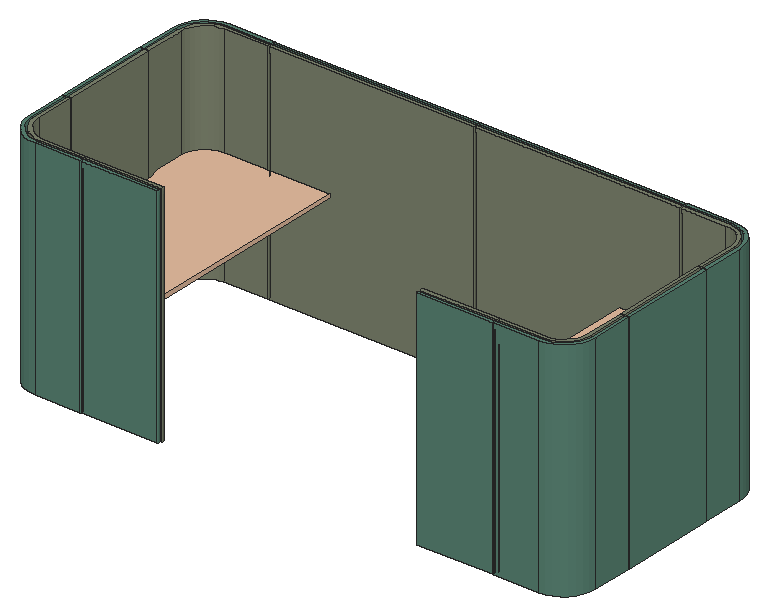
Revit family "NBS_Senator_MeetingPods_DuoAbodeBackToBack", category Furniture, Revit 2018
Family settings
  Work Plane-Based = No
  Always vertical = Yes
  Cut with Voids When Loaded = No
  Shared = No
  Room Calculation Point = No
Parameters (values of type "PDBDA14")
  WarrantyStartDate [instance] = "1900-12-31T23:59:59"
  WarrantyGuarantorParts = "contactus@thesenatorgroup.com"
  WarrantyGuarantorLabor = "n/a"
  WarrantyDurationUnit = "year"
  WarrantyDurationParts = "10"
  WarrantyDurationLabor = "n/a"
  WarrantyDescription = "Senator warrants that its manufactured products are free from manufacturing defects - in materials or workmanship - for a period of ten (10) years on Senator Seating ranges; and fifteen (15) years on Senator Desking ranges - exceptions are listed below. Senator will repair or replace (at Senator’s sole discretion) with comparable free of charge materials / components, any product / component, which fails under normal use in a single shift environment, as a result of a defect in the materials and / or workmanship"
  Version = "1"  # constant formula
  Uniclass2015Version = "Products v1.16"
  Uniclass2015Title = "Meeting Pods"
  Uniclass2015Code = "Pr_40_50_12_53"
  TagNumber [instance] = "n/a"
  SustainabilityPerformance = "99% recyclable"
  Style = "Meeting pods"
  Status = "UNSET"
  Size = "3500 x 1500 x 1400 mm"
  Shape = "n/a"
  SerialNumber [instance] = "n/a"
  SeatWidth = "n/a"
  SeatDepth = "n/a"
  Revision = "n/a"
  ReplacementCost = "n/a"
  Reference = "n/a"
  ProductInformation = "http://www.thesenatorgroup.com/uk/senator/"
  NominalWidth = 1500 mm
  NominalLength = 1500 mm
  NominalHeight = 1400 mm
  NominalDepth = 3500 mm
  Name = "MeetingPods_DuoAbodeBackToBack_PDBDA14_Senator"
  NBSReference = "45-35-20/342"
  NBSDescription = "Meeting pods"
  NBSCertification = "www.nationalbimlibrary.com/cert/snhkbjl1"
  ModelReference = "Pods-DuoAbodeBackToBack_PDBDA14"
  ModelNumber = "PDDA14"
  Material = "Fabric, metal, plastic"
  ManufacturerURL = "www.senator.co.uk"
  ManufacturerName = "The Senator Group"  # constant formula
  Manufacturer = "sales@senator.co.uk"
  MainColor = "n/a"
  IsBuiltIn = no
  InstallationDate [instance] = "1900-12-31T23:59:59"
  InnerPanelMaterial = NBS_Senator_VirginWool_Lancaster
  OuterPanelMaterial = NBS_Senator_VirginWool_Montcrest
  IfcExportType = "USERDEFINED"  # constant formula
  IfcExportAs = "IfcFurnitureType"  # constant formula
  Grade = "n/a"
  FramesColour = "Black, white"
  FinishOptions = "Carini walnut, mocha, autumn, strata oak, maple, highland oak, beech, winter oak, hacienda white, white, light grey, denim, clay, lemon sorbet"
  Finish = "Outer vertical panels upholstered in camira, blazer fabric Two tone is standard"
  Features = "Internal frame with multi-layered acoustic foam, levelling adjusters, blazer fabric, outer vertical panels"
  FabricFinishOptions = "Plymouth, fairfield, latymer, lancaster, silcoates, silverdale, st andrews, trevelyan, ulster, wellington, wesley, manchester,"
  ExpectedLife = "10"
  DurationUnit = "year"
  DuoAdobeWidth = 3500 mm  # constant formula
  DuoAdobeHeight = 1400 mm
  DuoAdobeDepth = 1500 mm  # constant formula
  TableTopMaterial = NBS_Senator_Wood_HighlandOak_2
  Description = "Duo Abode Back to Back - 1400mm high"
  Constituents = "n/a"
  Color = "n/a"
  CodePerformance = "n/a"
  Category = "Pr_40_50_12_53:Meeting pods"
  BarCode [instance] = "n/a"
  BIMObjectName = "NBS_Senator_MeetingPods_DuoAbodeBackToBack_PDDABB14"
  Author = "NBS"  # constant formula
  AssetType = "Fixed"
  AssetIdentifier [instance] = "n/a"
  Accessories = "Monitor arms, PU desk accessories, desk top accessories, CPU holders, electrical accessories, coat hanger, name plate, A2 dry wipe board with hanger, A3 dry wipe board with hanger"
  AccessibilityPerformance = "n/a"
Types (3, lengths in mm): name | Size | NominalHeight | Name | ModelReference | ModelNumber | DuoAdobeHeight | Description | BIMObjectName
  (no name) | "3500 x 1500 x 1400 mm" | 1400 | "MeetingPods_DuoAbodeBackToBack_PDBDA14_Senator" | "Pods-DuoAbodeBackToBack_PDBDA14" | "PDDA14" | 1400 | "Duo Abode Back to Back - 1400mm high" | "NBS_Senator_MeetingPods_DuoAbodeBackToBack_PDDABB14"
  PDBDA14 | "3500 x 1500 x 1400 mm" | 1400 | "MeetingPods_DuoAbodeBackToBack_PDBDA14_Senator" | "Pods-DuoAbodeBackToBack_PDBDA14" | "PDDA14" | 1400 | "Duo Abode Back to Back - 1400mm high" | "NBS_Senator_MeetingPods_DuoAbodeBackToBack_PDDABB14"
  PDBDA18 | "3500 x 1500 x 1800 mm" | 1800 | "MeetingPods_DuoAbodeBackToBack_PDBDA18_Senator" | "Pods-DuoAbodeBackToBack_PDBDA18" | "PDDA18" | 1800 | "Duo Abode Back to Back - 1800mm high" | "NBS_Senator_MeetingPods_DuoAbodeBackToBack_PDDABB18"
Reference planes
  plane 1 "Center (Front/Back)": y = 0
  plane 2: z = 0
  plane 3 "Center (Left/Right)": x = 0
  plane 4 "Left": x = -1750
  plane 5 "Right": x = 1750
  plane 6 "Front": y = -750
  plane 7 "Back": y = 750
  plane 8 "Top": z = 1400
  plane 9: x = -1697
  plane 10 "Center L/T": y = -697
  plane 11 "Center L/U": x = 1697
  plane 12 "Center L/V": y = 697
  plane 13: x = -797
  plane 14: x = 797
  plane 15: x = -1730
  plane 16: y = 730
  plane 17: y = -730
  plane 18: x = 1730
  plane 19: z = 8
  plane 20: x = -1717
  plane 21: y = 717
  plane 22: x = 1717
  plane 23: y = -717
  plane 24: z = 718
Forms (mm)
  Extrusion 1, solid, material "NBS_Senator_VirginWool_Montcrest" <- "OuterPanelMaterial", detail levels medium+fine
    sketch origin (0, 0, 0) x (1, 0, 0) y (0, 1, 0)
      loop
        arc (-1555, 750) -> (-1692.886, 692.886) -> (-1750, 555) r 195
        line (-1750, 555) -> (-1750, 304.96)
        arc (-1750, 304.96) -> (-1740, 299.921) -> (-1730, 304.96) r 12.441
        line (-1730, 304.96) -> (-1730, 555)
        arc (-1730, 555) -> (-1678.744, 678.744) -> (-1555, 730) r 175
        line (-1555, 730) -> (-1279.04, 730)
        arc (-1279.04, 730) -> (-1274, 740) -> (-1279.04, 750) r 12.441
        line (-1279.04, 750) -> (-1555, 750)
      loop
        arc (-1750, -555) -> (-1692.886, -692.886) -> (-1555, -750) r 195
        line (-1555, -750) -> (-1279.04, -750)
        arc (-1279.04, -750) -> (-1274, -740) -> (-1279.04, -730) r 12.441
        line (-1279.04, -730) -> (-1555, -730)
        arc (-1555, -730) -> (-1678.744, -678.744) -> (-1730, -555) r 175
        line (-1730, -555) -> (-1730, -305.04)
        arc (-1730, -305.04) -> (-1740, -300) -> (-1750, -305.04) r 12.441
        line (-1750, -305.04) -> (-1750, -555)
      loop
        arc (1555, -750) -> (1692.886, -692.886) -> (1750, -555) r 195
        line (1750, -555) -> (1750, -305.04)
        arc (1750, -305.04) -> (1740, -300) -> (1730, -305.04) r 12.441
        line (1730, -305.04) -> (1730, -555)
        arc (1730, -555) -> (1678.744, -678.744) -> (1555, -730) r 175
        line (1555, -730) -> (1279.04, -730)
        arc (1279.04, -730) -> (1274, -740) -> (1279.04, -750) r 12.441
        line (1279.04, -750) -> (1555, -750)
      loop
        arc (1750, 555) -> (1692.886, 692.886) -> (1555, 750) r 195
        line (1555, 750) -> (1279.04, 750)
        arc (1279.04, 750) -> (1274, 740) -> (1279.04, 730) r 12.441
        line (1279.04, 730) -> (1555, 730)
        arc (1555, 730) -> (1678.744, 678.744) -> (1730, 555) r 175
        line (1730, 555) -> (1730, 304.96)
        arc (1730, 304.96) -> (1740, 299.921) -> (1750, 304.96) r 12.441
        line (1750, 304.96) -> (1750, 555)
      loop
        line (-802, -730) -> (-1266.96, -730)
        arc (-1266.96, -730) -> (-1272, -740) -> (-1266.96, -750) r 12.441
        line (-1266.96, -750) -> (-802, -750)
        arc (-802, -750) -> (-797, -740) -> (-802, -730) r 12.5
      loop
        line (-1750, 293) -> (-1750, -293)
        arc (-1750, -293) -> (-1740, -298.04) -> (-1730, -293) r 12.441
        line (-1730, -293) -> (-1730, 293)
        arc (-1730, 293) -> (-1740, 298.04) -> (-1750, 293) r 12.441
      loop
        line (-1266.96, 730) -> (-6.04, 730)
        arc (-6.04, 730) -> (-1, 740) -> (-6.04, 750) r 12.441
        line (-6.04, 750) -> (-1266.96, 750)
        arc (-1266.96, 750) -> (-1272, 740) -> (-1266.96, 730) r 12.441
      loop
        arc (1750, 293) -> (1740, 298.04) -> (1730, 293) r 12.441
        line (1730, 293) -> (1730, -293)
        arc (1730, -293) -> (1740, -298.04) -> (1750, -293) r 12.441
        line (1750, -293) -> (1750, 293)
      loop
        arc (1266.96, 730) -> (1272, 740) -> (1266.96, 750) r 12.441
        line (1266.96, 750) -> (6.04, 750)
        arc (6.04, 750) -> (1, 740) -> (6.04, 730) r 12.441
        line (6.04, 730) -> (1266.96, 730)
      loop
        line (1266.96, -730) -> (802, -730)
        arc (802, -730) -> (797, -740) -> (802, -750) r 12.5
        line (802, -750) -> (1266.96, -750)
        arc (1266.96, -750) -> (1272, -740) -> (1266.96, -730) r 12.441
    from 8 to 1400
  Extrusion 2, solid, material "NBS_Senator_VirginWool_Lancaster" <- "InnerPanelMaterial", detail levels medium+fine
    sketch origin (0, 0, 0) x (1, 0, 0) y (0, 1, 0)
      loop
        arc (-1552, 717) -> (-1668.673, 668.673) -> (-1717, 552) r 165
        line (-1717, 552) -> (-1717, 304.96)
        arc (-1717, 304.96) -> (-1707, 299.921) -> (-1697, 304.96) r 12.441
        line (-1697, 304.96) -> (-1697, 547)
        arc (-1697, 547) -> (-1653.066, 653.066) -> (-1547, 697) r 150
        line (-1547, 697) -> (-1279.04, 697)
        arc (-1279.04, 697) -> (-1274, 707) -> (-1279.04, 717) r 12.441
        line (-1279.04, 717) -> (-1552, 717)
      loop
        arc (-1717, -552) -> (-1668.673, -668.673) -> (-1552, -717) r 165
        line (-1552, -717) -> (-1279.04, -717)
        arc (-1279.04, -717) -> (-1274, -707) -> (-1279.04, -697) r 12.441
        line (-1279.04, -697) -> (-1542, -697)
        arc (-1542, -697) -> (-1651.602, -651.602) -> (-1697, -542) r 155
        line (-1697, -542) -> (-1697, -305.04)
        arc (-1697, -305.04) -> (-1707, -300) -> (-1717, -305.04) r 12.441
        line (-1717, -305.04) -> (-1717, -552)
      loop
        arc (1552, -717) -> (1668.673, -668.673) -> (1717, -552) r 165
        line (1717, -552) -> (1717, -305.04)
        arc (1717, -305.04) -> (1707, -300) -> (1697, -305.04) r 12.441
        line (1697, -305.04) -> (1697, -547)
        arc (1697, -547) -> (1653.066, -653.066) -> (1547, -697) r 150
        line (1547, -697) -> (1279.04, -697)
        arc (1279.04, -697) -> (1274, -707) -> (1279.04, -717) r 12.441
        line (1279.04, -717) -> (1552, -717)
      loop
        arc (1717, 552) -> (1668.673, 668.673) -> (1552, 717) r 165
        line (1552, 717) -> (1279.04, 717)
        arc (1279.04, 717) -> (1274, 707) -> (1279.04, 697) r 12.441
        line (1279.04, 697) -> (1547, 697)
        arc (1547, 697) -> (1653.066, 653.066) -> (1697, 547) r 150
        line (1697, 547) -> (1697, 304.96)
        arc (1697, 304.96) -> (1707, 299.921) -> (1717, 304.96) r 12.441
        line (1717, 304.96) -> (1717, 552)
      loop
        line (-802, -697) -> (-1266.96, -697)
        arc (-1266.96, -697) -> (-1272, -707) -> (-1266.96, -717) r 12.441
        line (-1266.96, -717) -> (-802, -717)
        arc (-802, -717) -> (-797, -707) -> (-802, -697) r 12.5
      loop
        line (-1266.96, 697) -> (-6.04, 697)
        arc (-6.04, 697) -> (-1, 707) -> (-6.04, 717) r 12.441
        line (-6.04, 717) -> (-1266.96, 717)
        arc (-1266.96, 717) -> (-1272, 707) -> (-1266.96, 697) r 12.441
      loop
        line (6.04, 697) -> (1266.96, 697)
        arc (1266.96, 697) -> (1272, 707) -> (1266.96, 717) r 12.441
        line (1266.96, 717) -> (6.04, 717)
        arc (6.04, 717) -> (1, 707) -> (6.04, 697) r 12.441
      loop
        line (1266.96, -697) -> (802, -697)
        arc (802, -697) -> (797, -707) -> (802, -717) r 12.5
        line (802, -717) -> (1266.96, -717)
        arc (1266.96, -717) -> (1272, -707) -> (1266.96, -697) r 12.441
      loop
        line (-1697, -293) -> (-1697, 292.921)
        arc (-1697, 292.921) -> (-1707, 297.96) -> (-1717, 292.921) r 12.441
        line (-1717, 292.921) -> (-1717, -293)
        arc (-1717, -293) -> (-1707, -298.04) -> (-1697, -293) r 12.441
      loop
        arc (1697, -293) -> (1707, -298.04) -> (1717, -293) r 12.441
        line (1717, -293) -> (1717, 292.921)
        arc (1717, 292.921) -> (1707, 297.96) -> (1697, 292.921) r 12.441
        line (1697, 292.921) -> (1697, -293)
    from 0 to 1400
  Extrusion 3, solid, material "NBS_Senator_VirginWool_Montcrest", detail levels coarse
    sketch origin (0, 0, 0) x (1, 0, 0) y (0, 1, 0)
      loop
        arc (-1556, 751) -> (-1693.886, 693.886) -> (-1751, 556) r 195
        line (-1751, 556) -> (-1751, -557.831)
        arc (-1751, -557.831) -> (-1694.422, -694.422) -> (-1557.831, -751) r 193.169
        line (-1557.831, -751) -> (-802, -751)
        arc (-802, -751) -> (-796.994, -722.875) -> (-802, -694.75) r 81.512
        line (-802, -694.75) -> (-1543.5, -694.75)
        arc (-1543.5, -694.75) -> (-1649.566, -650.816) -> (-1693.5, -544.75) r 150
        line (-1693.5, -544.75) -> (-1693.5, 548.5)
        arc (-1693.5, 548.5) -> (-1651.03, 651.03) -> (-1548.5, 693.5) r 145
        line (-1548.5, 693.5) -> (1552, 693.5)
        arc (1552, 693.5) -> (1654.53, 651.03) -> (1697, 548.5) r 145
        line (1697, 548.5) -> (1697, -549.75)
        arc (1697, -549.75) -> (1654.53, -652.28) -> (1552, -694.75) r 145
        line (1552, -694.75) -> (802, -694.75)
        arc (802, -694.75) -> (796.994, -722.875) -> (802, -751) r 81.512
        line (802, -751) -> (1561, -751)
        arc (1561, -751) -> (1695.35, -695.35) -> (1751, -561) r 190
        line (1751, -561) -> (1751, 561)
        arc (1751, 561) -> (1695.35, 695.35) -> (1561, 751) r 190
        line (1561, 751) -> (-1556, 751)
    from 8 to 1400
Dimensions and locks
  equal spacing: plane 4 "Left", plane 3 "Center (Left/Right)", plane 5 "Right"
  "DuoAdobeWidth": plane 4 "Left" to plane 5 "Right"
  equal spacing: plane 7 "Back", plane 1 "Center (Front/Back)", plane 6 "Front"
  "DuoAdobeDepth": plane 7 "Back" to plane 6 "Front"
  "DuoAdobeHeight": plane 8 "Top" to level
  locked: plane 4 "Left" to plane 9 at 53
  locked: plane 11 "Center L/U" to plane 5 "Right" at 53
  locked: plane 7 "Back" to plane 12 "Center L/V" at 53
  locked: plane 10 "Center L/T" to plane 6 "Front" at 53
  locked: plane 4 "Left" to plane 13 at 953
  locked: plane 14 to plane 5 "Right" at 953
  locked: plane 7 "Back" to plane 16 at 20
  locked: plane 4 "Left" to plane 15 at 20
  locked: plane 17 to plane 6 "Front" at 20
  locked: plane 18 to plane 5 "Right" at 20
  locked: plane 19 to level at 8
  locked: plane 20 to plane 9 at 20
  locked: plane 21 to plane 12 "Center L/V" at 20
  locked: plane 11 "Center L/U" to plane 22 at 20
  locked: plane 10 "Center L/T" to plane 23 at 20
  plane 24 to level = 718 mm
  aligned and locked: level to plane 2
  aligned and locked: Extrusion 1 sketch curve to plane 7 "Back"
  aligned and locked: plane 4 "Left" to Extrusion 1 sketch curve
  aligned and locked: plane 6 "Front" to Extrusion 1 sketch curve
  aligned and locked: Extrusion 1 sketch curve to plane 5 "Right"
  aligned and locked: Extrusion 1 sketch curve to plane 16
  aligned and locked: plane 15 to Extrusion 1 sketch curve
  aligned and locked: plane 17 to Extrusion 1 sketch curve
  aligned and locked: Extrusion 1 sketch curve to plane 18
  aligned and locked: Extrusion 1 to plane 8 "Top"
  aligned and locked: Extrusion 1 to plane 19
  aligned and locked: Extrusion 2 sketch curve to plane 21
  aligned and locked: plane 20 to Extrusion 2 sketch curve
  aligned and locked: plane 23 to Extrusion 2 sketch curve
  aligned and locked: Extrusion 2 sketch curve to plane 22
  aligned and locked: Extrusion 2 sketch curve to plane 12 "Center L/V"
  aligned and locked: plane 9 to Extrusion 2 sketch curve
  aligned and locked: plane 10 "Center L/T" to Extrusion 2 sketch curve
  aligned and locked: Extrusion 2 sketch curve to plane 11 "Center L/U"
  aligned and locked: Extrusion 2 to plane 8 "Top"
  aligned and locked: Extrusion 3 to plane 19
  aligned and locked: Extrusion 3 to plane 8 "Top"
  aligned and locked: Extrusion 3 to plane 11 "Center L/U"
  aligned and locked: nested 1 to plane 9
  aligned and locked: nested 2 to plane 11 "Center L/U"
  aligned and locked: nested 1 to plane 24
  aligned and locked: plane 24 to nested 2
Automatic sketch dimensions
  Extrusion 1 sketch curve to Extrusion 1 sketch curve = 0 mm  (x8)
  Extrusion 1 sketch curve to plane 4 "Left" = 0 mm  (x2)
  Extrusion 1 sketch curve to plane 15 = 0 mm
  Extrusion 1 sketch curve to plane 6 "Front" = 0 mm  (x3)
  Extrusion 1 sketch curve to plane 16 = 0 mm  (x2)
  Extrusion 1 sketch curve to plane 17 = 0 mm  (x2)
  Extrusion 1 sketch curve to plane 7 "Back" = 0 mm  (x3)
  Extrusion 1 sketch curve to plane 18 = 0 mm  (x2)
  Extrusion 1 sketch curve to plane 5 "Right" = 0 mm
  plane 4 "Left" to Extrusion 1 sketch curve = 10 mm  (x4)
  plane 9 to Extrusion 1 sketch curve = 142 mm  (x2)
  Extrusion 1 sketch curve to plane 7 "Back" = 10 mm  (x2)
  Extrusion 1 sketch curve to Extrusion 1 sketch curve = 268.559 mm  (x2)
  plane 6 "Front" to Extrusion 1 sketch curve = 10 mm  (x2)
  Extrusion 1 sketch curve to Extrusion 1 sketch curve = 7.401 mm  (x17)
  Extrusion 1 sketch curve to Extrusion 1 sketch curve = 12.079 mm  (x8)
  Extrusion 1 sketch curve to plane 13 = 12.5 mm
  Extrusion 1 sketch curve to plane 13 = 5 mm  (x2)
  Extrusion 1 sketch curve to plane 3 "Center (Left/Right)" = 13.441 mm
  Extrusion 1 sketch curve to plane 3 "Center (Left/Right)" = 6.04 mm  (x2)
  plane 3 "Center (Left/Right)" to Extrusion 1 sketch curve = 6.04 mm  (x2)
  plane 14 to Extrusion 1 sketch curve = 12.5 mm
  Extrusion 1 sketch curve to plane 11 "Center L/U" = 437.441 mm  (x2)
  Extrusion 1 sketch curve to plane 11 "Center L/U" = 142 mm
  plane 10 "Center L/T" to Extrusion 1 sketch curve = 142 mm
  Extrusion 1 sketch curve to plane 5 "Right" = 10 mm  (x4)
  Extrusion 1 sketch curve to Extrusion 1 sketch curve = 242.559 mm  (x2)
  Extrusion 1 sketch curve to Extrusion 1 sketch curve = 12.04 mm  (x2)
  Extrusion 1 sketch curve to Extrusion 1 sketch curve = 269.401 mm  (x2)
  Extrusion 1 sketch curve to Extrusion 1 sketch curve = 11.96 mm  (x2)
  plane 14 to Extrusion 1 sketch curve = 5 mm  (x2)
  Extrusion 2 sketch curve to plane 13 = 5 mm  (x2)
  Extrusion 2 sketch curve to plane 9 = 10 mm  (x4)
  plane 9 to Extrusion 2 sketch curve = 145 mm  (x2)
  Extrusion 2 sketch curve to Extrusion 2 sketch curve = 5 mm  (x3)
  Extrusion 2 sketch curve to Extrusion 2 sketch curve = 10 mm  (x6)
  Extrusion 2 sketch curve to plane 10 "Center L/T" = 10 mm  (x2)
  Extrusion 2 sketch curve to Extrusion 2 sketch curve = 255.559 mm
  plane 12 "Center L/V" to Extrusion 2 sketch curve = 10 mm  (x2)
  Extrusion 2 sketch curve to Extrusion 2 sketch curve = 260.559 mm
  Extrusion 2 sketch curve to Extrusion 2 sketch curve = 26.882 mm  (x4)
  Extrusion 2 sketch curve to plane 13 = 12.5 mm
  Extrusion 2 sketch curve to plane 3 "Center (Left/Right)" = 13.441 mm
  plane 3 "Center (Left/Right)" to Extrusion 2 sketch curve = 13.441 mm
  plane 14 to Extrusion 2 sketch curve = 12.5 mm
  Extrusion 2 sketch curve to plane 11 "Center L/U" = 437.441 mm  (x2)
  Extrusion 2 sketch curve to Extrusion 2 sketch curve = 150 mm  (x2)
  plane 11 "Center L/U" to Extrusion 2 sketch curve = 10 mm  (x4)
  Extrusion 2 sketch curve to Extrusion 2 sketch curve = 229.559 mm
  Extrusion 2 sketch curve to Extrusion 2 sketch curve = 234.559 mm
  Extrusion 2 sketch curve to Extrusion 2 sketch curve = 26.842 mm  (x4)
  Extrusion 2 sketch curve to Extrusion 2 sketch curve = 261.481 mm  (x2)
  Extrusion 2 sketch curve to Extrusion 2 sketch curve = 7.401 mm  (x8)
  plane 3 "Center (Left/Right)" to Extrusion 2 sketch curve = 6.04 mm  (x2)
  plane 14 to Extrusion 2 sketch curve = 5 mm  (x2)
  Extrusion 2 sketch curve to Extrusion 2 sketch curve = 12.079 mm  (x4)
  Extrusion 2 sketch curve to Extrusion 2 sketch curve = 12.04 mm  (x4)
  Extrusion 2 sketch curve to plane 3 "Center (Left/Right)" = 6.04 mm
  Extrusion 2 sketch curve to plane 23 = 0 mm  (x3)
  Extrusion 2 sketch curve to plane 10 "Center L/T" = 0 mm  (x3)
  Extrusion 2 sketch curve to plane 20 = 0 mm  (x2)
  Extrusion 2 sketch curve to plane 9 = 0 mm  (x2)
  Extrusion 2 sketch curve to plane 12 "Center L/V" = 0 mm  (x3)
  Extrusion 2 sketch curve to plane 21 = 0 mm  (x3)
  Extrusion 2 sketch curve to plane 22 = 0 mm  (x2)
  Extrusion 2 sketch curve to plane 11 "Center L/U" = 0 mm  (x2)
  Extrusion 3 sketch curve to plane 4 "Left" = 1 mm
  plane 9 to Extrusion 3 sketch curve = 3.5 mm
  Extrusion 3 sketch curve to plane 6 "Front" = 1 mm  (x2)
  plane 9 to Extrusion 3 sketch curve = 139.169 mm
  plane 7 "Back" to Extrusion 3 sketch curve = 1 mm
  plane 9 to Extrusion 3 sketch curve = 141 mm
  Extrusion 3 sketch curve to Extrusion 3 sketch curve = 7.5 mm
  Extrusion 3 sketch curve to Extrusion 3 sketch curve = 14.331 mm
  Extrusion 3 sketch curve to plane 13 = 81.506 mm
  plane 14 to Extrusion 3 sketch curve = 81.506 mm
  plane 10 "Center L/T" to Extrusion 3 sketch curve = 2.25 mm  (x2)
  Extrusion 3 sketch curve to plane 11 "Center L/U" = 145 mm  (x2)
  Extrusion 3 sketch curve to plane 12 "Center L/V" = 3.5 mm
  Extrusion 3 sketch curve to Extrusion 3 sketch curve = 9 mm  (x2)
  Extrusion 3 sketch curve to plane 11 "Center L/U" = 0 mm
  plane 5 "Right" to Extrusion 3 sketch curve = 1 mm
  Extrusion 3 sketch curve to plane 13 = 5 mm  (x2)
  plane 14 to Extrusion 3 sketch curve = 5 mm  (x2)
Nested families
  nested 1: "NBS_Senator_Desk_PDBDA14" at (-1297, 0, 693) x (0, 1, 0) z (0, 0, 1), type "NBS_Senator_Desk_PDBDA14"
  nested 2: "NBS_Senator_Desk_PDBDA14" at (1297, 0, 693) x (0, 1, 0) z (0, 0, 1), type "NBS_Senator_Desk_PDBDA14"
Definition of nested family "NBS_Senator_Desk_PDBDA14"
  Parameters (values of type "NBS_Senator_Desk_PDBDA14")
    DeskWidth = 1394 mm
    DeskThickness = 25 mm
    DeskMaterial = none
    DeskDepth = 800 mm
  Reference planes
    plane 1 "Back": y = 0
    plane 2 "Bottom": z = 0
    plane 3 "Center (Left/Right)": x = 0
    plane 4 "Left": x = -697
    plane 5 "Right": x = 697
    plane 6 "Front": y = -400
    plane 7 "Top": z = 25
    plane 8: y = 400
  Forms (mm)
    Extrusion 1, solid, material <- "DeskMaterial", detail levels medium+fine
      sketch origin (0, 400, 0) x (1, 0, 0) y (0, 1, 0)
        loop
          arc (-547, 0) -> (-653.066, -43.934) -> (-697, -150) r 150
          line (-697, -150) -> (-697, -800) -> (697, -800) -> (697, -150)
          arc (697, -150) -> (653.066, -43.934) -> (547, 0) r 150
          line (547, 0) -> (369.041, 0) -> (289.799, -29.69) -> (126.526, -29.69) -> (84.186, -54.135) -> (-84.186, -54.135) -> (-126.526, -29.69) -> (-289.799, -29.69) -> (-369.041, 0) -> (-547, 0)
      from 0 to 25
    Extrusion 2, solid, material <- "DeskMaterial", detail levels coarse
      sketch origin (0, 0, 0) x (1, 0, 0) y (0, 1, 0)
        loop
          arc (-549, 400) -> (-653.652, 356.652) -> (-697, 252) r 148
          line (-697, 252) -> (-697, -400) -> (697, -400) -> (697, 257.372)
          arc (697, 257.372) -> (655.225, 358.225) -> (554.372, 400) r 142.628
          line (554.372, 400) -> (-549, 400)
      from 0 to 25
  Dimensions and locks
    equal spacing: plane 4 "Left", plane 3 "Center (Left/Right)", plane 5 "Right"
    "DeskWidth": plane 4 "Left" to plane 5 "Right"
    Extrusion 1 sketch curve to Extrusion 1 sketch curve to Extrusion 1 sketch curve to plane 3 "Center (Left/Right)" to Extrusion 1 sketch curve to Extrusion 1 sketch curve to Extrusion 1 sketch curve = 79.242 mm locked, 163.273 mm locked, 126.526 mm locked, 126.526 mm locked, 163.273 mm locked, 79.242 mm locked
    "DeskThickness": plane 7 "Top" to level
    equal spacing: plane 8, plane 1 "Back", plane 6 "Front"
    "DeskDepth": plane 8 to plane 6 "Front"
    aligned and locked: level to plane 2 "Bottom"
    aligned and locked: plane 4 "Left" to Extrusion 1 sketch curve
    aligned and locked: Extrusion 1 sketch curve to plane 5 "Right"
    aligned and locked: Extrusion 1 to plane 2 "Bottom"
    aligned and locked: plane 7 "Top" to Extrusion 1
    aligned and locked: Extrusion 1 to plane 6 "Front"
    aligned and locked: Extrusion 1 to plane 4 "Left"
    aligned and locked: plane 5 "Right" to Extrusion 1
    aligned and locked: plane 8 to Extrusion 1  (x2)
    aligned and locked: Extrusion 2 sketch curve to plane 8
    aligned and locked: plane 4 "Left" to Extrusion 2 sketch curve
    aligned and locked: plane 6 "Front" to Extrusion 2 sketch curve
    aligned and locked: Extrusion 2 sketch curve to plane 5 "Right"
    aligned and locked: plane 7 "Top" to Extrusion 2
  Automatic sketch dimensions
    plane 4 "Left" to Extrusion 1 sketch curve = 150 mm
    Extrusion 1 sketch curve to plane 1 "Back" = 250 mm  (x2)
    Extrusion 1 sketch curve to plane 1 "Back" = 370.31 mm  (x2)
    Extrusion 1 sketch curve to Extrusion 1 sketch curve = 42.34 mm  (x2)
    Extrusion 1 sketch curve to plane 1 "Back" = 400 mm
    Extrusion 1 sketch curve to Extrusion 1 sketch curve = 24.445 mm
    plane 1 "Back" to Extrusion 1 sketch curve = 400 mm
    Extrusion 2 sketch curve to Extrusion 2 sketch curve = 148 mm
    Extrusion 2 sketch curve to plane 5 "Right" = 142.628 mm
